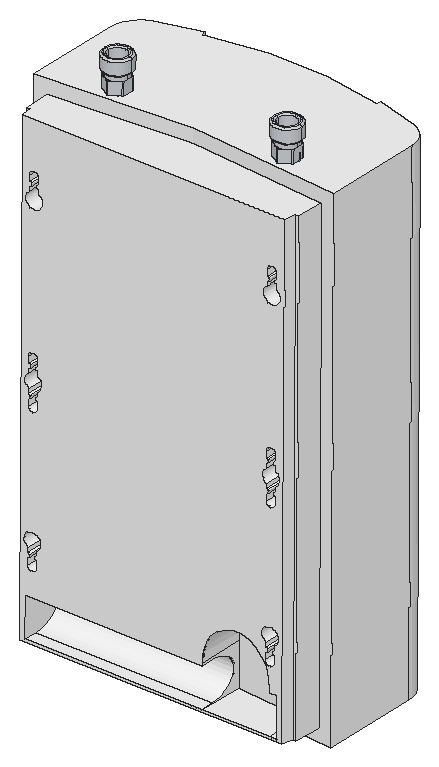
Revit family "CL1506", category Plumbing Fixtures, host Wall, Revit 2013
Parameters (values of type "CL1506")
  Water Resistance (min)* = "1100 ohm/cm"
  URL = "http://www.zipindustries.com/"
  Temp Settings = "20°C to 50°C"
  Supply Voltage = "1/PE 230 V"
  Static Pressure (max) = "1000 kPa"
  Rated Current = "29 A or 38 A"
  Power Rating = "6.6 or 8.8 kW"
  Nominal Capacity = "0.3 litre"
  Model = "CL1506"
  Manufacturer = "ZipIndustries"
  IP Rating = "IP25"
  Flow Rate (min) = "2.0 litres/minute"
  Flow Rate (max) = "5.0 litres/minute"
  Dimensions W x D x H (mm) = "177 x 108 x 294"
  Description = "CEX9-U 9.6kW"
Reference planes
  plane 1: y = 0
  plane 2 "Center (Left/Right)": x = 125
  plane 3 "Back": y = 75
Text (mm)
  text "Placement side" at (-1787.139, 592.35, 0), in view "Ref. Level"
  text "Placement side" at (0, 1827.695, 2917.686), in view "Left"
  text "Placement side" at (0, 562.268, 3853.606), in view "Right"
Dimensions and locks
  locked: plane 3 "Back" to host wall at 0
  aligned and locked: host wall to plane 1
  aligned and locked: host wall to nested 1
Nested families
  nested 1: "27910" at (125, 75, 600) x (-1, 0, 0) z (0, 0, 1), type "27910"
Definition of nested family "27910"
  Reference planes
    plane 1 "Center (Front/Back)": y = 0
    plane 2: z = 0
    plane 3 "Center (Left/Right)": x = 0
  Forms (mm)
    Extrusion 1, solid, material "White"
      sketch origin (-1.696, 0, 312.387) x (-0.999984, 0, -0.005569) y (0, 1, 0)
        loop
          line (-88.334, -21.863) -> (-88.334, -79.175)
          arc (-88.334, -79.175) -> (-85.16, -89.069) -> (-76.824, -95.27) r 17.008
          arc (-76.824, -95.27) -> (0, -108.035) -> (76.826, -95.288) r 237.728
          arc (76.826, -95.288) -> (85.161, -89.09) -> (88.334, -79.199) r 17
          line (88.334, -79.199) -> (88.334, -21.863)
          arc (88.334, -21.863) -> (0, -29.092) -> (-88.334, -21.863) r 543.28
      from 19.363 to 312.058
    Blend 2, void
      base sketch origin (-1.696, 0, 312.387) x (-0.999984, 0, -0.005569) y (0, 1, 0)
        loop
          line (20, -89.302) -> (-20, -89.302) -> (-30.751, -117.309) -> (30.751, -117.309) -> (20, -89.302)
      top sketch origin (-1.696, 0, 312.387) x (-0.999984, 0, -0.005569) y (0, 1, 0)
        loop
          line (46.875, -89.302) -> (-46.875, -89.302) -> (-57.626, -117.309) -> (57.626, -117.309) -> (46.875, -89.302)
      from 317.269 to 19.363
    Extrusion 3, solid, material "White"
      sketch origin (-1.696, 0, 312.387) x (-0.999984, 0, -0.005569) y (0, 1, 0)
        loop
          arc (-53.424, -99.559) -> (-0.321, -105.825) -> (52.801, -99.718) r 231.074
          line (52.801, -99.718) -> (52.801, -81.84)
          arc (52.801, -81.84) -> (-0.353, -87.726) -> (-53.424, -81.126) r 229.074
          line (-53.424, -81.126) -> (-53.424, -99.559)
      from 19.363 to 310.244
    Extrusion 4, solid, material "White"
      sketch origin (-1.696, 0, 312.387) x (-0.999984, 0, -0.005569) y (0, 1, 0)
        loop
          line (80.58, -23.083) -> (80.001, -6.5) -> (78.12, -6.5) -> (77.091, 0) -> (-77.091, 0) -> (-78.12, -6.5) -> (-80.001, -6.5) -> (-80.58, -23.083)
          arc (-80.58, -23.083) -> (0, -29.092) -> (80.58, -23.083) r 543.28
      from 27.272 to 304.587
    Extrusion 5, solid, material "Stainless Steel"
      sketch origin (-1.696, 0, 312.387) x (-0.999984, 0, -0.005569) y (0.005569, 0, -0.999984)
        loop
          arc (-35.902, 54.5) -> (-37.243, 53.159) -> (-35.902, 51.819) r 1.34
          line (-35.902, 51.819) -> (-21.996, 51.819)
          arc (-21.996, 51.819) -> (-21.289, 51.526) -> (-20.996, 50.819) r 1
          line (-20.996, 50.819) -> (-20.996, 41.171)
          arc (-20.996, 41.171) -> (-19.532, 37.636) -> (-15.996, 36.171) r 5
          line (-15.996, 36.171) -> (15.95, 36.171)
          arc (15.95, 36.171) -> (19.486, 37.636) -> (20.95, 41.171) r 5
          line (20.95, 41.171) -> (20.95, 50.819)
          arc (20.95, 50.819) -> (21.243, 51.526) -> (21.95, 51.819) r 1
          line (21.95, 51.819) -> (35.951, 51.819)
          arc (35.951, 51.819) -> (37.291, 53.159) -> (35.951, 54.5) r 1.34
          line (35.951, 54.5) -> (21.95, 54.5)
          arc (21.95, 54.5) -> (21.243, 54.793) -> (20.95, 55.5) r 1
          line (20.95, 55.5) -> (20.95, 65.195)
          arc (20.95, 65.195) -> (19.486, 68.731) -> (15.95, 70.195) r 5
          line (15.95, 70.195) -> (-15.996, 70.195)
          arc (-15.996, 70.195) -> (-19.532, 68.731) -> (-20.996, 65.195) r 5
          line (-20.996, 65.195) -> (-20.996, 55.5)
          arc (-20.996, 55.5) -> (-21.289, 54.793) -> (-21.996, 54.5) r 1
          line (-21.996, 54.5) -> (-35.902, 54.5)
        loop
          line (15, 65.149) -> (-15, 65.149)
          arc (-15, 65.149) -> (-15.707, 64.856) -> (-16, 64.149) r 1
          line (-16, 64.149) -> (-16, 42.149)
          arc (-16, 42.149) -> (-15.707, 41.442) -> (-15, 41.149) r 1
          line (-15, 41.149) -> (15, 41.149)
          arc (15, 41.149) -> (15.707, 41.442) -> (16, 42.149) r 1
          line (16, 42.149) -> (16, 64.149)
          arc (16, 64.149) -> (15.707, 64.856) -> (15, 65.149) r 1
        loop
          line (36.363, 37.294) -> (35.879, 38.333) -> (34.67, 37.77) -> (34.67, 43.656) -> (33.189, 43.656) -> (33.189, 36.419) -> (34.487, 36.419) -> (36.363, 37.294)
        loop
          arc (36.094, 65.011) -> (35.229, 64.582) -> (34.266, 64.5) r 2.59
          arc (34.266, 64.5) -> (33.318, 65.185) -> (33.435, 66.349) r 1.172
          arc (33.435, 66.349) -> (34.886, 68.118) -> (36.554, 69.685) r 17.717
          line (36.554, 69.685) -> (36.554, 70.613) -> (31.554, 70.613) -> (31.554, 69.406) -> (34.637, 69.406)
          arc (34.637, 69.406) -> (33.546, 68.236) -> (32.559, 66.978) r 18.795
          arc (32.559, 66.978) -> (32.335, 64.743) -> (34.156, 63.429) r 2.249
          arc (34.156, 63.429) -> (35.36, 63.504) -> (36.474, 63.966) r 3.667
          line (36.474, 63.966) -> (36.094, 65.011)
        loop
          line (-25.243, 42.01) -> (-28.532, 38.09)
          arc (-28.532, 38.09) -> (-28.897, 37.92) -> (-29.262, 38.09) r 0.476
          line (-29.262, 38.09) -> (-32.552, 42.01) -> (-33.778, 40.981) -> (-30.046, 36.534)
          arc (-30.046, 36.534) -> (-28.897, 35.998) -> (-27.749, 36.534) r 1.5
          line (-27.749, 36.534) -> (-24.017, 40.981) -> (-25.243, 42.01)
        loop
          line (-25.243, 64.95) -> (-24.017, 65.978) -> (-27.749, 70.426)
          arc (-27.749, 70.426) -> (-28.897, 70.962) -> (-30.046, 70.426) r 1.5
          line (-30.046, 70.426) -> (-33.778, 65.978) -> (-32.552, 64.95) -> (-29.262, 68.87)
          arc (-29.262, 68.87) -> (-28.897, 69.04) -> (-28.532, 68.87) r 0.476
          line (-28.532, 68.87) -> (-25.243, 64.95)
        loop
          line (-47.91, 81.274) -> (49.11, 81.274) -> (49.11, 83.506) -> (-47.91, 83.506) -> (-47.91, 81.274)
      from 98.827 to 116.414
    Extrusion 6, void
      sketch origin (-1.696, 0, 312.387) x (-0.999984, 0, -0.005569) y (0, 1, 0)
        loop
          line (-53.424, -100.443) -> (-53.424, -137.859)
          arc (-53.424, -137.859) -> (-0.327, -144.236) -> (52.801, -138.129) r 229.074
          line (52.801, -138.129) -> (52.801, -99.906)
          arc (52.801, -99.906) -> (-0.28, -106.361) -> (-53.424, -100.443) r 231.074
      from 19.363 to 111.613
    Revolve 7, solid
      sketch origin (-1.696, -35.7, 312.387) x (-0.999984, 0, -0.005569) y (0.005569, 0, -0.999984)
        loop
          line (-55.415, 22.687) -> (-56.235, 22.687) -> (-56.235, 8.982) -> (-57.254, 8.982) -> (-58.237, 8) -> (-58.237, 1.023) -> (-57.214, 0) -> (-56.314, 0) -> (-55.415, 0.899) -> (-55.415, 22.687)
        axis (-50, 22.687) -> (-50, 0)
      angle from 0 to 360
    Extrusion 8, solid
      sketch origin (-1.696, 0, 312.387) x (-0.999984, 0, -0.005569) y (0, 1, 0)
        loop
          line (-56.1, -39.684) -> (-50.4, -42.975)
          arc (-50.4, -42.975) -> (-50, -43.082) -> (-49.6, -42.975) r 0.8
          line (-49.6, -42.975) -> (-43.9, -39.684)
          arc (-43.9, -39.684) -> (-43.607, -39.391) -> (-43.5, -38.991) r 0.8
          line (-43.5, -38.991) -> (-43.5, -32.409)
          arc (-43.5, -32.409) -> (-43.607, -32.009) -> (-43.9, -31.716) r 0.8
          line (-43.9, -31.716) -> (-49.6, -28.425)
          arc (-49.6, -28.425) -> (-50, -28.318) -> (-50.4, -28.425) r 0.8
          line (-50.4, -28.425) -> (-56.1, -31.716)
          arc (-56.1, -31.716) -> (-56.393, -32.009) -> (-56.5, -32.409) r 0.8
          line (-56.5, -32.409) -> (-56.5, -38.991)
          arc (-56.5, -38.991) -> (-56.393, -39.391) -> (-56.1, -39.684) r 0.8
      from 12.017 to 19.363
    Revolve 9, solid
      sketch origin (-101.695, -35.7, 311.83) x (-0.999984, 0, -0.005569) y (0.005569, 0, -0.999984)
        loop
          line (-55.415, 22.687) -> (-56.235, 22.687) -> (-56.235, 8.982) -> (-57.254, 8.982) -> (-58.237, 8) -> (-58.237, 1.023) -> (-57.214, 0) -> (-56.314, 0) -> (-55.415, 0.899) -> (-55.415, 22.687)
        axis (-50, 22.687) -> (-50, 0)
      angle from 0 to 360
    Extrusion 10, solid
      sketch origin (-101.695, 0, 311.83) x (-0.999984, 0, -0.005569) y (0, 1, 0)
        loop
          line (-56.1, -39.684) -> (-50.4, -42.975)
          arc (-50.4, -42.975) -> (-50, -43.082) -> (-49.6, -42.975) r 0.8
          line (-49.6, -42.975) -> (-43.9, -39.684)
          arc (-43.9, -39.684) -> (-43.607, -39.391) -> (-43.5, -38.991) r 0.8
          line (-43.5, -38.991) -> (-43.5, -32.409)
          arc (-43.5, -32.409) -> (-43.607, -32.009) -> (-43.9, -31.716) r 0.8
          line (-43.9, -31.716) -> (-49.6, -28.425)
          arc (-49.6, -28.425) -> (-50, -28.318) -> (-50.4, -28.425) r 0.8
          line (-50.4, -28.425) -> (-56.1, -31.716)
          arc (-56.1, -31.716) -> (-56.393, -32.009) -> (-56.5, -32.409) r 0.8
          line (-56.5, -32.409) -> (-56.5, -38.991)
          arc (-56.5, -38.991) -> (-56.393, -39.391) -> (-56.1, -39.684) r 0.8
      from 12.017 to 19.363
    Extrusion 11, void
      sketch origin (-1.696, 0, 312.387) x (-0.999984, 0, -0.005569) y (0.005569, 0, -0.999984)
        loop
          line (-67.25, 254.363) -> (-67.25, 256.687) -> (-68.175, 257.48)
          arc (-68.175, 257.48) -> (-68.493, 258.187) -> (-68.175, 258.894) r 0.946
          line (-68.175, 258.894) -> (-67.25, 259.715) -> (-67.25, 263.187)
          arc (-67.25, 263.187) -> (-70, 265.937) -> (-72.75, 263.187) r 2.75
          line (-72.75, 263.187) -> (-72.75, 259.715) -> (-71.825, 258.894)
          arc (-71.825, 258.894) -> (-71.507, 258.187) -> (-71.825, 257.48) r 0.946
          line (-71.825, 257.48) -> (-72.75, 256.687) -> (-72.75, 254.363)
          arc (-72.75, 254.363) -> (-70, 245.12) -> (-67.25, 254.363) r 5.03
        loop
          line (72.75, 254.363) -> (72.75, 256.687) -> (71.825, 257.48)
          arc (71.825, 257.48) -> (71.507, 258.187) -> (71.825, 258.894) r 0.946
          line (71.825, 258.894) -> (72.75, 259.715) -> (72.75, 263.187)
          arc (72.75, 263.187) -> (70, 265.937) -> (67.25, 263.187) r 2.75
          line (67.25, 263.187) -> (67.25, 259.715) -> (68.175, 258.894)
          arc (68.175, 258.894) -> (68.493, 258.187) -> (68.175, 257.48) r 0.946
          line (68.175, 257.48) -> (67.25, 256.687) -> (67.25, 254.363)
          arc (67.25, 254.363) -> (70, 245.12) -> (72.75, 254.363) r 5.03
        loop
          line (-67.25, 170.404) -> (-67.25, 172.728) -> (-68.175, 173.521)
          arc (-68.175, 173.521) -> (-68.493, 174.228) -> (-68.175, 174.936) r 0.946
          line (-68.175, 174.936) -> (-67.25, 175.757) -> (-67.25, 179.228)
          arc (-67.25, 179.228) -> (-70, 181.978) -> (-72.75, 179.228) r 2.75
          line (-72.75, 179.228) -> (-72.75, 175.757) -> (-71.825, 174.936)
          arc (-71.825, 174.936) -> (-71.507, 174.228) -> (-71.825, 173.521) r 0.946
          line (-71.825, 173.521) -> (-72.75, 172.728) -> (-72.75, 170.404)
          arc (-72.75, 170.404) -> (-75.03, 166.192) -> (-72.75, 161.98) r 5.03
          line (-72.75, 161.98) -> (-72.75, 159.655) -> (-71.825, 158.863)
          arc (-71.825, 158.863) -> (-71.507, 158.155) -> (-71.825, 157.448) r 0.946
          line (-71.825, 157.448) -> (-72.75, 156.627) -> (-72.75, 153.155)
          arc (-72.75, 153.155) -> (-70, 150.405) -> (-67.25, 153.155) r 2.75
          line (-67.25, 153.155) -> (-67.25, 156.627) -> (-68.175, 157.448)
          arc (-68.175, 157.448) -> (-68.493, 158.155) -> (-68.175, 158.863) r 0.946
          line (-68.175, 158.863) -> (-67.25, 159.655) -> (-67.25, 161.98)
          arc (-67.25, 161.98) -> (-64.97, 166.192) -> (-67.25, 170.404) r 5.03
        loop
          line (72.75, 170.404) -> (72.75, 172.728) -> (71.825, 173.521)
          arc (71.825, 173.521) -> (71.507, 174.228) -> (71.825, 174.936) r 0.946
          line (71.825, 174.936) -> (72.75, 175.757) -> (72.75, 179.228)
          arc (72.75, 179.228) -> (70, 181.978) -> (67.25, 179.228) r 2.75
          line (67.25, 179.228) -> (67.25, 175.757) -> (68.175, 174.936)
          arc (68.175, 174.936) -> (68.493, 174.228) -> (68.175, 173.521) r 0.946
          line (68.175, 173.521) -> (67.25, 172.728) -> (67.25, 170.404)
          arc (67.25, 170.404) -> (64.97, 166.192) -> (67.25, 161.98) r 5.03
          line (67.25, 161.98) -> (67.25, 159.655) -> (68.175, 158.863)
          arc (68.175, 158.863) -> (68.493, 158.155) -> (68.175, 157.448) r 0.946
          line (68.175, 157.448) -> (67.25, 156.627) -> (67.25, 153.155)
          arc (67.25, 153.155) -> (70, 150.405) -> (72.75, 153.155) r 2.75
          line (72.75, 153.155) -> (72.75, 156.627) -> (71.825, 157.448)
          arc (71.825, 157.448) -> (71.507, 158.155) -> (71.825, 158.863) r 0.946
          line (71.825, 158.863) -> (72.75, 159.655) -> (72.75, 161.98)
          arc (72.75, 161.98) -> (75.03, 166.192) -> (72.75, 170.404) r 5.03
        loop
          arc (-67.25, 65.99) -> (-70, 75.232) -> (-72.75, 65.99) r 5.03
          line (-72.75, 65.99) -> (-72.75, 63.665) -> (-71.825, 62.873)
          arc (-71.825, 62.873) -> (-71.507, 62.165) -> (-71.825, 61.458) r 0.946
          line (-71.825, 61.458) -> (-72.75, 60.637) -> (-72.75, 57.165)
          arc (-72.75, 57.165) -> (-70, 54.415) -> (-67.25, 57.165) r 2.75
          line (-67.25, 57.165) -> (-67.25, 60.637) -> (-68.175, 61.458)
          arc (-68.175, 61.458) -> (-68.493, 62.165) -> (-68.175, 62.873) r 0.946
          line (-68.175, 62.873) -> (-67.25, 63.665) -> (-67.25, 65.99)
        loop
          arc (72.75, 65.99) -> (70, 75.232) -> (67.25, 65.99) r 5.03
          line (67.25, 65.99) -> (67.25, 63.665) -> (68.175, 62.873)
          arc (68.175, 62.873) -> (68.493, 62.165) -> (68.175, 61.458) r 0.946
          line (68.175, 61.458) -> (67.25, 60.637) -> (67.25, 57.165)
          arc (67.25, 57.165) -> (70, 54.415) -> (72.75, 57.165) r 2.75
          line (72.75, 57.165) -> (72.75, 60.637) -> (71.825, 61.458)
          arc (71.825, 61.458) -> (71.507, 62.165) -> (71.825, 62.873) r 0.946
          line (71.825, 62.873) -> (72.75, 63.665) -> (72.75, 65.99)
        loop
          line (69.96, 303.288) -> (30.04, 303.288) -> (30.04, 278.288)
          spline (30.04, 278.288) -> (30.721, 272.143) -> (32.714, 266.417) -> (35.886, 261.5) -> (40.02, 257.727) -> (44.834, 255.355) -> (50, 254.546) -> (55.166, 255.355) -> (59.98, 257.727) -> (64.114, 261.5) -> (67.286, 266.417) -> (69.279, 272.143) -> (69.96, 278.288)
          line (69.96, 278.288) -> (69.96, 303.288)
      from 0 to 29.937
    Extrusion 12, void
      sketch origin (-1.696, 0, 312.387) x (0, 1, 0) y (0.005569, 0, -0.999984)
        loop
          spline (-7.995, 303.099) -> (-11.955, 302.701) -> (-15.646, 301.532) -> (-18.816, 299.673) -> (-21.248, 297.25) -> (-22.777, 294.428) -> (-23.298, 291.4) -> (-22.777, 288.372) -> (-21.248, 285.55) -> (-18.816, 283.127) -> (-15.646, 281.268) -> (-11.955, 280.099) -> (-7.995, 279.7)
          line (-7.995, 279.7) -> (3.613, 279.7) -> (3.613, 303.099) -> (-7.995, 303.099)
      from -74.068 to 74.068
    Extrusion 13, solid, not visible
      sketch origin (0, 0, 0) x (1, 0, 0) y (0, 1, 0)
        loop
          line (-88.334, -21.863) -> (-88.334, -79.175)
          arc (-88.334, -79.175) -> (-85.16, -89.069) -> (-76.824, -95.27) r 17.008
          arc (-76.824, -95.27) -> (0, -108.035) -> (76.826, -95.288) r 237.728
          arc (76.826, -95.288) -> (85.161, -89.09) -> (88.334, -79.199) r 17
          line (88.334, -79.199) -> (88.334, -21.863)
          arc (88.334, -21.863) -> (0, -29.092) -> (-88.334, -21.863) r 543.28
      from 19.363 to 312.058
    Blend 14, void, not visible
      base sketch origin (0, 0, 0) x (1, 0, 0) y (0, 1, 0)
        loop
          line (20, -89.302) -> (-20, -89.302) -> (-30.751, -117.309) -> (30.751, -117.309) -> (20, -89.302)
      top sketch origin (0, 0, 0) x (1, 0, 0) y (0, 1, 0)
        loop
          line (46.875, -89.302) -> (-46.875, -89.302) -> (-57.626, -117.309) -> (57.626, -117.309) -> (46.875, -89.302)
      from 317.269 to 19.363
    Extrusion 15, solid, not visible
      sketch origin (0, 0, 0) x (1, 0, 0) y (0, 1, 0)
        loop
          arc (-53.424, -99.559) -> (-0.321, -105.825) -> (52.801, -99.718) r 231.074
          line (52.801, -99.718) -> (52.801, -81.84)
          arc (52.801, -81.84) -> (-0.353, -87.726) -> (-53.424, -81.126) r 229.074
          line (-53.424, -81.126) -> (-53.424, -99.559)
      from 19.363 to 310.244
    Extrusion 16, solid, not visible
      sketch origin (0, 0, 0) x (1, 0, 0) y (0, 1, 0)
        loop
          line (80.58, -23.083) -> (80.001, -6.5) -> (78.12, -6.5) -> (77.091, 0) -> (-77.091, 0) -> (-78.12, -6.5) -> (-80.001, -6.5) -> (-80.58, -23.083)
          arc (-80.58, -23.083) -> (0, -29.092) -> (80.58, -23.083) r 543.28
      from 27.272 to 304.587
    Extrusion 17, solid, not visible
      sketch origin (0, 0, 0) x (1, 0, 0) y (0, 0, 1)
        loop
          arc (-35.902, 54.5) -> (-37.243, 53.159) -> (-35.902, 51.819) r 1.34
          line (-35.902, 51.819) -> (-21.996, 51.819)
          arc (-21.996, 51.819) -> (-21.289, 51.526) -> (-20.996, 50.819) r 1
          line (-20.996, 50.819) -> (-20.996, 41.171)
          arc (-20.996, 41.171) -> (-19.532, 37.636) -> (-15.996, 36.171) r 5
          line (-15.996, 36.171) -> (15.95, 36.171)
          arc (15.95, 36.171) -> (19.486, 37.636) -> (20.95, 41.171) r 5
          line (20.95, 41.171) -> (20.95, 50.819)
          arc (20.95, 50.819) -> (21.243, 51.526) -> (21.95, 51.819) r 1
          line (21.95, 51.819) -> (35.951, 51.819)
          arc (35.951, 51.819) -> (37.291, 53.159) -> (35.951, 54.5) r 1.34
          line (35.951, 54.5) -> (21.95, 54.5)
          arc (21.95, 54.5) -> (21.243, 54.793) -> (20.95, 55.5) r 1
          line (20.95, 55.5) -> (20.95, 65.195)
          arc (20.95, 65.195) -> (19.486, 68.731) -> (15.95, 70.195) r 5
          line (15.95, 70.195) -> (-15.996, 70.195)
          arc (-15.996, 70.195) -> (-19.532, 68.731) -> (-20.996, 65.195) r 5
          line (-20.996, 65.195) -> (-20.996, 55.5)
          arc (-20.996, 55.5) -> (-21.289, 54.793) -> (-21.996, 54.5) r 1
          line (-21.996, 54.5) -> (-35.902, 54.5)
        loop
          line (15, 65.149) -> (-15, 65.149)
          arc (-15, 65.149) -> (-15.707, 64.856) -> (-16, 64.149) r 1
          line (-16, 64.149) -> (-16, 42.149)
          arc (-16, 42.149) -> (-15.707, 41.442) -> (-15, 41.149) r 1
          line (-15, 41.149) -> (15, 41.149)
          arc (15, 41.149) -> (15.707, 41.442) -> (16, 42.149) r 1
          line (16, 42.149) -> (16, 64.149)
          arc (16, 64.149) -> (15.707, 64.856) -> (15, 65.149) r 1
        loop
          line (-33.749, 69.346) -> (-33.265, 68.306) -> (-32.056, 68.869) -> (-32.056, 62.984) -> (-30.575, 62.984) -> (-30.575, 70.22) -> (-31.873, 70.22) -> (-33.749, 69.346)
        loop
          arc (-33.48, 41.628) -> (-32.615, 42.057) -> (-31.652, 42.139) r 2.59
          arc (-31.652, 42.139) -> (-30.704, 41.454) -> (-30.821, 40.29) r 1.172
          arc (-30.821, 40.29) -> (-32.272, 38.521) -> (-33.94, 36.954) r 17.717
          line (-33.94, 36.954) -> (-33.94, 36.026) -> (-28.94, 36.026) -> (-28.94, 37.234) -> (-32.023, 37.234)
          arc (-32.023, 37.234) -> (-30.932, 38.403) -> (-29.945, 39.662) r 18.795
          arc (-29.945, 39.662) -> (-29.721, 41.896) -> (-31.542, 43.211) r 2.249
          arc (-31.542, 43.211) -> (-32.746, 43.135) -> (-33.86, 42.673) r 3.667
          line (-33.86, 42.673) -> (-33.48, 41.628)
        loop
          line (27.857, 64.629) -> (31.146, 68.549)
          arc (31.146, 68.549) -> (31.511, 68.72) -> (31.877, 68.549) r 0.476
          line (31.877, 68.549) -> (35.166, 64.629) -> (36.392, 65.658) -> (32.66, 70.106)
          arc (32.66, 70.106) -> (31.511, 70.641) -> (30.363, 70.106) r 1.5
          line (30.363, 70.106) -> (26.631, 65.658) -> (27.857, 64.629)
        loop
          line (27.857, 41.69) -> (26.631, 40.661) -> (30.363, 36.213)
          arc (30.363, 36.213) -> (31.511, 35.678) -> (32.66, 36.213) r 1.5
          line (32.66, 36.213) -> (36.392, 40.661) -> (35.166, 41.69) -> (31.877, 37.77)
          arc (31.877, 37.77) -> (31.511, 37.599) -> (31.146, 37.77) r 0.476
          line (31.146, 37.77) -> (27.857, 41.69)
        loop
          line (-47.91, 81.274) -> (49.11, 81.274) -> (49.11, 83.506) -> (-47.91, 83.506) -> (-47.91, 81.274)
      from 98.827 to 116.414
    Extrusion 18, void, not visible
      sketch origin (0, 0, 0) x (1, 0, 0) y (0, 1, 0)
        loop
          line (-53.424, -100.443) -> (-53.424, -137.859)
          arc (-53.424, -137.859) -> (-0.327, -144.236) -> (52.801, -138.129) r 229.074
          line (52.801, -138.129) -> (52.801, -99.906)
          arc (52.801, -99.906) -> (-0.28, -106.361) -> (-53.424, -100.443) r 231.074
      from 19.363 to 111.613
    Revolve 19, solid, not visible
      sketch origin (0, -35.7, 0) x (1, 0, 0) y (0, 0, 1)
        loop
          line (-55.415, 22.687) -> (-56.235, 22.687) -> (-56.235, 8.982) -> (-57.254, 8.982) -> (-58.237, 8) -> (-58.237, 1.023) -> (-57.214, 0) -> (-56.314, 0) -> (-55.415, 0.899) -> (-55.415, 22.687)
        axis (-50, 22.687) -> (-50, 0)
      angle from 0 to 360
    Extrusion 20, solid, not visible
      sketch origin (0, 0, 0) x (1, 0, 0) y (0, 1, 0)
        loop
          line (-56.1, -39.684) -> (-50.4, -42.975)
          arc (-50.4, -42.975) -> (-50, -43.082) -> (-49.6, -42.975) r 0.8
          line (-49.6, -42.975) -> (-43.9, -39.684)
          arc (-43.9, -39.684) -> (-43.607, -39.391) -> (-43.5, -38.991) r 0.8
          line (-43.5, -38.991) -> (-43.5, -32.409)
          arc (-43.5, -32.409) -> (-43.607, -32.009) -> (-43.9, -31.716) r 0.8
          line (-43.9, -31.716) -> (-49.6, -28.425)
          arc (-49.6, -28.425) -> (-50, -28.318) -> (-50.4, -28.425) r 0.8
          line (-50.4, -28.425) -> (-56.1, -31.716)
          arc (-56.1, -31.716) -> (-56.393, -32.009) -> (-56.5, -32.409) r 0.8
          line (-56.5, -32.409) -> (-56.5, -38.991)
          arc (-56.5, -38.991) -> (-56.393, -39.391) -> (-56.1, -39.684) r 0.8
      from 12.017 to 19.363
    Revolve 21, solid, not visible
      sketch origin (100, -35.7, 0) x (1, 0, 0) y (0, 0, 1)
        loop
          line (-55.415, 22.687) -> (-56.235, 22.687) -> (-56.235, 8.982) -> (-57.254, 8.982) -> (-58.237, 8) -> (-58.237, 1.023) -> (-57.214, 0) -> (-56.314, 0) -> (-55.415, 0.899) -> (-55.415, 22.687)
        axis (-50, 22.687) -> (-50, 0)
      angle from 0 to 360
    Extrusion 22, solid, not visible
      sketch origin (100, 0, 0) x (1, 0, 0) y (0, 1, 0)
        loop
          line (-56.1, -39.684) -> (-50.4, -42.975)
          arc (-50.4, -42.975) -> (-50, -43.082) -> (-49.6, -42.975) r 0.8
          line (-49.6, -42.975) -> (-43.9, -39.684)
          arc (-43.9, -39.684) -> (-43.607, -39.391) -> (-43.5, -38.991) r 0.8
          line (-43.5, -38.991) -> (-43.5, -32.409)
          arc (-43.5, -32.409) -> (-43.607, -32.009) -> (-43.9, -31.716) r 0.8
          line (-43.9, -31.716) -> (-49.6, -28.425)
          arc (-49.6, -28.425) -> (-50, -28.318) -> (-50.4, -28.425) r 0.8
          line (-50.4, -28.425) -> (-56.1, -31.716)
          arc (-56.1, -31.716) -> (-56.393, -32.009) -> (-56.5, -32.409) r 0.8
          line (-56.5, -32.409) -> (-56.5, -38.991)
          arc (-56.5, -38.991) -> (-56.393, -39.391) -> (-56.1, -39.684) r 0.8
      from 12.017 to 19.363
    Extrusion 23, void, not visible
      sketch origin (0, 0, 0) x (1, 0, 0) y (0, 0, 1)
        loop
          line (-67.25, 254.363) -> (-67.25, 256.687) -> (-68.175, 257.48)
          arc (-68.175, 257.48) -> (-68.493, 258.187) -> (-68.175, 258.894) r 0.946
          line (-68.175, 258.894) -> (-67.25, 259.715) -> (-67.25, 263.187)
          arc (-67.25, 263.187) -> (-70, 265.937) -> (-72.75, 263.187) r 2.75
          line (-72.75, 263.187) -> (-72.75, 259.715) -> (-71.825, 258.894)
          arc (-71.825, 258.894) -> (-71.507, 258.187) -> (-71.825, 257.48) r 0.946
          line (-71.825, 257.48) -> (-72.75, 256.687) -> (-72.75, 254.363)
          arc (-72.75, 254.363) -> (-70, 245.12) -> (-67.25, 254.363) r 5.03
        loop
          line (72.75, 254.363) -> (72.75, 256.687) -> (71.825, 257.48)
          arc (71.825, 257.48) -> (71.507, 258.187) -> (71.825, 258.894) r 0.946
          line (71.825, 258.894) -> (72.75, 259.715) -> (72.75, 263.187)
          arc (72.75, 263.187) -> (70, 265.937) -> (67.25, 263.187) r 2.75
          line (67.25, 263.187) -> (67.25, 259.715) -> (68.175, 258.894)
          arc (68.175, 258.894) -> (68.493, 258.187) -> (68.175, 257.48) r 0.946
          line (68.175, 257.48) -> (67.25, 256.687) -> (67.25, 254.363)
          arc (67.25, 254.363) -> (70, 245.12) -> (72.75, 254.363) r 5.03
        loop
          line (-67.25, 170.404) -> (-67.25, 172.728) -> (-68.175, 173.521)
          arc (-68.175, 173.521) -> (-68.493, 174.228) -> (-68.175, 174.936) r 0.946
          line (-68.175, 174.936) -> (-67.25, 175.757) -> (-67.25, 179.228)
          arc (-67.25, 179.228) -> (-70, 181.978) -> (-72.75, 179.228) r 2.75
          line (-72.75, 179.228) -> (-72.75, 175.757) -> (-71.825, 174.936)
          arc (-71.825, 174.936) -> (-71.507, 174.228) -> (-71.825, 173.521) r 0.946
          line (-71.825, 173.521) -> (-72.75, 172.728) -> (-72.75, 170.404)
          arc (-72.75, 170.404) -> (-75.03, 166.192) -> (-72.75, 161.98) r 5.03
          line (-72.75, 161.98) -> (-72.75, 159.655) -> (-71.825, 158.863)
          arc (-71.825, 158.863) -> (-71.507, 158.155) -> (-71.825, 157.448) r 0.946
          line (-71.825, 157.448) -> (-72.75, 156.627) -> (-72.75, 153.155)
          arc (-72.75, 153.155) -> (-70, 150.405) -> (-67.25, 153.155) r 2.75
          line (-67.25, 153.155) -> (-67.25, 156.627) -> (-68.175, 157.448)
          arc (-68.175, 157.448) -> (-68.493, 158.155) -> (-68.175, 158.863) r 0.946
          line (-68.175, 158.863) -> (-67.25, 159.655) -> (-67.25, 161.98)
          arc (-67.25, 161.98) -> (-64.97, 166.192) -> (-67.25, 170.404) r 5.03
        loop
          line (72.75, 170.404) -> (72.75, 172.728) -> (71.825, 173.521)
          arc (71.825, 173.521) -> (71.507, 174.228) -> (71.825, 174.936) r 0.946
          line (71.825, 174.936) -> (72.75, 175.757) -> (72.75, 179.228)
          arc (72.75, 179.228) -> (70, 181.978) -> (67.25, 179.228) r 2.75
          line (67.25, 179.228) -> (67.25, 175.757) -> (68.175, 174.936)
          arc (68.175, 174.936) -> (68.493, 174.228) -> (68.175, 173.521) r 0.946
          line (68.175, 173.521) -> (67.25, 172.728) -> (67.25, 170.404)
          arc (67.25, 170.404) -> (64.97, 166.192) -> (67.25, 161.98) r 5.03
          line (67.25, 161.98) -> (67.25, 159.655) -> (68.175, 158.863)
          arc (68.175, 158.863) -> (68.493, 158.155) -> (68.175, 157.448) r 0.946
          line (68.175, 157.448) -> (67.25, 156.627) -> (67.25, 153.155)
          arc (67.25, 153.155) -> (70, 150.405) -> (72.75, 153.155) r 2.75
          line (72.75, 153.155) -> (72.75, 156.627) -> (71.825, 157.448)
          arc (71.825, 157.448) -> (71.507, 158.155) -> (71.825, 158.863) r 0.946
          line (71.825, 158.863) -> (72.75, 159.655) -> (72.75, 161.98)
          arc (72.75, 161.98) -> (75.03, 166.192) -> (72.75, 170.404) r 5.03
        loop
          arc (-67.25, 65.99) -> (-70, 75.232) -> (-72.75, 65.99) r 5.03
          line (-72.75, 65.99) -> (-72.75, 63.665) -> (-71.825, 62.873)
          arc (-71.825, 62.873) -> (-71.507, 62.165) -> (-71.825, 61.458) r 0.946
          line (-71.825, 61.458) -> (-72.75, 60.637) -> (-72.75, 57.165)
          arc (-72.75, 57.165) -> (-70, 54.415) -> (-67.25, 57.165) r 2.75
          line (-67.25, 57.165) -> (-67.25, 60.637) -> (-68.175, 61.458)
          arc (-68.175, 61.458) -> (-68.493, 62.165) -> (-68.175, 62.873) r 0.946
          line (-68.175, 62.873) -> (-67.25, 63.665) -> (-67.25, 65.99)
        loop
          arc (72.75, 65.99) -> (70, 75.232) -> (67.25, 65.99) r 5.03
          line (67.25, 65.99) -> (67.25, 63.665) -> (68.175, 62.873)
          arc (68.175, 62.873) -> (68.493, 62.165) -> (68.175, 61.458) r 0.946
          line (68.175, 61.458) -> (67.25, 60.637) -> (67.25, 57.165)
          arc (67.25, 57.165) -> (70, 54.415) -> (72.75, 57.165) r 2.75
          line (72.75, 57.165) -> (72.75, 60.637) -> (71.825, 61.458)
          arc (71.825, 61.458) -> (71.507, 62.165) -> (71.825, 62.873) r 0.946
          line (71.825, 62.873) -> (72.75, 63.665) -> (72.75, 65.99)
        loop
          line (69.96, 303.288) -> (30.04, 303.288) -> (30.04, 278.288)
          spline (30.04, 278.288) -> (30.721, 272.143) -> (32.714, 266.417) -> (35.886, 261.5) -> (40.02, 257.727) -> (44.834, 255.355) -> (50, 254.546) -> (55.166, 255.355) -> (59.98, 257.727) -> (64.114, 261.5) -> (67.286, 266.417) -> (69.279, 272.143) -> (69.96, 278.288)
          line (69.96, 278.288) -> (69.96, 303.288)
      from 0 to 29.937
    Extrusion 24, void, not visible
      sketch origin (0, 0, 0) x (0, 1, 0) y (0, 0, 1)
        loop
          spline (-7.995, 303.099) -> (-11.955, 302.701) -> (-15.646, 301.532) -> (-18.816, 299.673) -> (-21.248, 297.25) -> (-22.777, 294.428) -> (-23.298, 291.4) -> (-22.777, 288.372) -> (-21.248, 285.55) -> (-18.816, 283.127) -> (-15.646, 281.268) -> (-11.955, 280.099) -> (-7.995, 279.7)
          line (-7.995, 279.7) -> (3.613, 279.7) -> (3.613, 303.099) -> (-7.995, 303.099)
      from -74.068 to 74.068
    Extrusion 25, solid, material "Stainless Steel"
      sketch origin (0, 0, 0) x (1, 0, 0) y (0, 0, 1)
        loop
          line (49.385, 291.438) -> (-52.454, 290.871) -> (-47.204, 230.859) -> (44.736, 231.371) -> (49.385, 291.438)
      from 91.538 to 115.031
  Cuts and joins
    Blend 2 cuts Extrusion 1
    joined: Extrusion 1, Extrusion 3
    Extrusion 6 cuts Extrusion 5
    Extrusion 11, Extrusion 12 cuts Extrusion 4
    Extrusion 6 cuts Extrusion 25
  Dimensions and locks
    aligned and locked: level to plane 2
